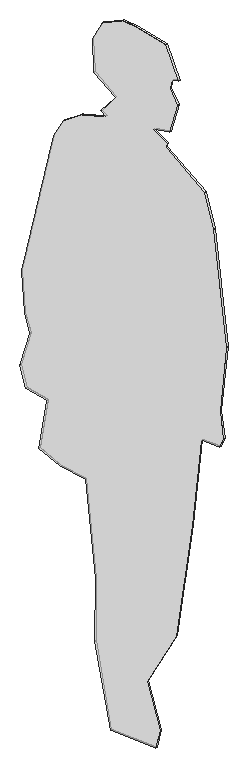
Revit family "Flat Lady 04", category Entourage, Revit 2015
Parameters
  Height = 0 mm
  Flat Material [instance] = none
Reference planes
  plane 1 "Center (Front/Back)": y = 0
  plane 2: z = 0
  plane 3 "Center (Left/Right)": x = 0
  plane 4: z = 1600
Forms (mm)
  Extrusion 1, solid, material <- "Flat Material"
    sketch origin (0, 0, 0) x (1, 0, 0) y (0, 0, 1)
      loop
        line (-209.513, 1341.283) -> (-292.883, 996.435) -> (-285.304, 897.907) -> (-270.146, 856.222) -> (-296.672, 772.852) -> (-281.514, 723.588) -> (-225.821, 714.306) -> (-247.409, 594.744) -> (-190.565, 572.007) -> (-125.318, 564.03) -> (-99.616, 340.845) -> (-100.024, 194.889) -> (-60.293, 0) -> (59.106, 0) -> (70.913, 45.261) -> (36.807, 147.578) -> (113.164, 280.199) -> (154.426, 555.278) -> (178.971, 762.826) -> (226.372, 762.826) -> (232.163, 777.302) -> (237.953, 785.988) -> (228.558, 848.643) -> (245.232, 1004.014) -> (211.126, 1269.282) -> (187.962, 1348.04) -> (87.444, 1418.774) -> (89.86, 1428.442) -> (52.257, 1449.333) -> (96.303, 1456.674) -> (116.387, 1526.97) -> (97.44, 1561.076) -> (102.939, 1580.119) -> (120.177, 1583.813) -> (86.071, 1659.604) -> (6.491, 1674.762) -> (-27.615, 1674.762) -> (-80.669, 1652.025) -> (-107.195, 1606.55) -> (-103.406, 1526.97) -> (-46.563, 1489.075) -> (-84.458, 1443.6) -> (-70.996, 1435.523) -> (-133.722, 1417.074) -> (-182.986, 1386.757) -> (-209.513, 1341.283)
    from -2.5 to 2.5
Lines and regions (mm)
  model lines
    curve 1: line (0, 150, 0) -> (0, -150, 0)
    curve 2: line (-150, 0, 0) -> (150, 0, 0)
Dimensions and locks
  aligned and locked: level to plane 2
